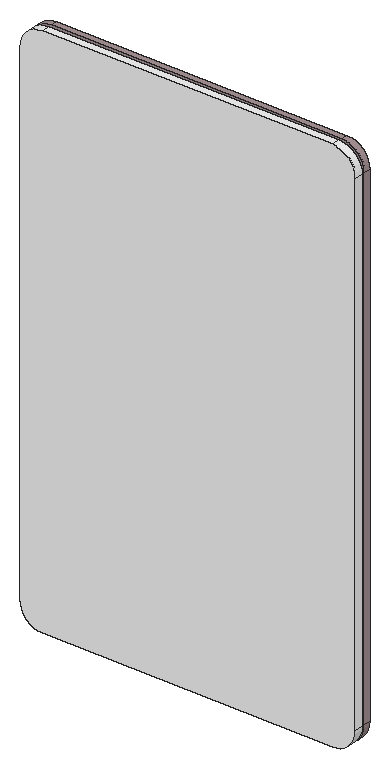
Revit family "Mobile-Work-Tools-Teknion-HDAB_Add_On_Boards-R2021", category Furniture, Revit 2021
Family settings
  OmniClass Number = 23.40.20.00
  OmniClass Title = General Furniture and Specialties
  Work Plane-Based = No
  Always vertical = Yes
  Cut with Voids When Loaded = No
  Shared = Yes
  Room Calculation Point = No
Parameters (values of type "One Whiteboard Add Ons & One Tackboard Add Ons")
  Whiteboard Finish = Laminate-Teknion-5D-Whiteboard
  Warranty = "http://www.teknion.com/ca/papers/legal-canada"
  Unit Weight URL = "http://www.teknion.com/ca/tools/assets#&asset=bee6a381-b954-425e-8283-5a2de3a804f2,f828d448-4b62-4231-9e5f-9a8991c0ed77"
  URL = "www.teknion.com"
  Two Whiteboard Add Ons = no
  Two Tackboard Add Ons = no
  To render please download texture images found here [instance] = "https://assets.teknion.com/web/5e81352c1dfdb467/revit-material-swatches/"
  Tackboard Finish = Fabric - Teknion - Heather Tech - R256 - Thistle Tech
  Sustainability Data = "https://www.teknion.com/ca/tools/assets#&topic=216f99a5-57a0-44fc-b10a-9dee9b29ae4c&asset=444deb64-fe58-4b68-981e-f75e97781df7,b4ff2d81-9f2e-437d-9659-7cffb09c31cf"
  Series = "Kiosk"  # constant formula
  Product Page URL = "https://www.teknion.com/ca/products/product-details?productLineId=fe46716f-8e7a-673b-a6c8-ff05004460c4"
  Product Line = "Kiosk"  # constant formula
  Product Documentation Link = "https://assets.teknion.com/m/77b7e6cd5a7943d4/original/Kiosk-Reference-Guide.pdf"
  Part Number = "HDAB"  # constant formula
  One Whiteboard Add Ons & One Tackboard Add Ons = yes
  Model = "HDABU"
  Manufacturer Phone = "416-661-3370"  # constant formula
  Manufacturer Fax = "416.661.4586"  # constant formula
  Manufacturer Contact Information = "http://www.teknion.com/ca/contactus"
  Manufacturer Address = "1150 Flint Road, Toronto, ON. M3J 2J5. Canada"  # constant formula
  Manufacturer = "Teknion"  # constant formula
  How To Use Teknion Materials User Guide [instance] = "https://assets.teknion.com/m/205dd0a49fa58060/original/How-to-add-a-Material-Library-and-Texture-Images-to-your-Revit-project.pdf"
  For Additional Finishes please visit [instance] = "https://assets.teknion.com/m/44a8009b046e5d47/original/Teknion_Materials_Library.zip"
  Description = "Add-On Boards, One Whiteboard Add-Ons & One Tackboard Add-Ons"
  Default Elevation = 0.000"
  Assembly Code = "E2020200"
Types (4): name | Two Whiteboard Add Ons | Two Tackboard Add Ons | Tackboard Finish | One Whiteboard Add Ons & One Tackboard Add Ons | Model | Description
  (no name) | no | no | Fabric - Teknion - Heather Tech - R256 - Thistle Tech | yes | "HDABU" | "Add-On Boards, One Whiteboard Add-Ons & One Tackboard Add-Ons"
  One Whiteboard Add Ons & One Tackboard Add Ons | no | no | Fabric - Teknion - Heather Tech - R256 - Thistle Tech | yes | "HDABU" | "Add-On Boards, One Whiteboard Add-Ons & One Tackboard Add-Ons"
  Two Tackboard Add Ons | no | yes | Fabric-Teknion-T754-Actuate-Thermal | no | "HDABT" | "Add-On Boards, Two Tackboard Add-Ons"
  Two Whiteboard Add Ons | yes | no | Fabric - Teknion - D409 - India - Surat | no | "HDABW" | "Add-On Boards, Two Whiteboard Add-Ons"
Reference planes (in)
  plane 1 "Center Front/Back": y = 0.43671
  plane 2: z = 0
  plane 3 "Center Left/Right": x = -0.00517
  plane 4 "Left": x = -14.76154
  plane 5 "Right": x = 14.75119
  plane 6 "Back": y = 1.22991
  plane 7 "Front": y = -0.3565
  plane 8 "Top": z = 71.5
Forms (in)
  Sweep 1, solid, material "Fabric - Teknion - Heather Tech - R256 - Thistle Tech" <- "Tackboard Finish", visible <- "Two Tackboard Add Ons"
    path origin (0, 0, 0) x (1, 0, 0) y (0, 1, 0)
      loop
        line (-0.00517, -0.3) -> (-0.00517, 0.3)
    profile origin (-0.00517, 0, 0) x (-1, 0, 0) y (0, 0, 1)
      loop
        arc (-12.75636, 71.5) -> (-14.17058, 70.91421) -> (-14.75636, 69.5) r 2
        line (-14.75636, 69.5) -> (-14.75636, 26.00119)
        arc (-14.75636, 26.00119) -> (-14.17023, 24.58613) -> (-12.75517, 24) r 2.00119
        line (-12.75517, 24) -> (12.75636, 24)
        arc (12.75636, 24) -> (14.17058, 24.58579) -> (14.75636, 26) r 2
        line (14.75636, 26) -> (14.75636, 69.48846)
        arc (14.75636, 69.48846) -> (14.1672, 70.91083) -> (12.74483, 71.5) r 2.01154
        line (12.74483, 71.5) -> (-12.75636, 71.5)
  Sweep 2, solid, material "Fabric - Teknion - Heather Tech - R256 - Thistle Tech" <- "Tackboard Finish", visible <- "Two Tackboard Add Ons"
    path origin (0, 0, 0) x (1, 0, 0) y (0, 1, 0)
      loop
        line (-0.00517, 0.47854) -> (-0.00517, 1.07854)
    profile origin (-0.00517, 0.77854, 0) x (-1, 0, 0) y (0, 0, 1)
      loop
        line (12.74483, 71.5) -> (-12.75636, 71.5)
        arc (-12.75636, 71.5) -> (-14.17058, 70.91421) -> (-14.75636, 69.5) r 2
        line (-14.75636, 69.5) -> (-14.75636, 26.00119)
        arc (-14.75636, 26.00119) -> (-14.17023, 24.58613) -> (-12.75517, 24) r 2.00119
        line (-12.75517, 24) -> (12.75636, 24)
        arc (12.75636, 24) -> (14.17058, 24.58579) -> (14.75636, 26) r 2
        line (14.75636, 26) -> (14.75636, 69.48846)
        arc (14.75636, 69.48846) -> (14.1672, 70.91083) -> (12.74483, 71.5) r 2.01154
  Sweep 3, solid, material "Laminate-Teknion-5D-Whiteboard" <- "Whiteboard Finish", visible <- "One Whiteboard Add Ons & One Tackboard Add Ons"
    path origin (0, 0, 0) x (1, 0, 0) y (0, 1, 0)
      loop
        line (-0.00517, -0.3565) -> (-0.00517, 0.3565)
    profile origin (-0.00517, 0, 0) x (-1, 0, 0) y (0, 0, 1)
      loop
        line (12.74483, 71.5) -> (-12.75636, 71.5)
        arc (-12.75636, 71.5) -> (-14.17058, 70.91421) -> (-14.75636, 69.5) r 2
        line (-14.75636, 69.5) -> (-14.75636, 26.00119)
        arc (-14.75636, 26.00119) -> (-14.17023, 24.58613) -> (-12.75517, 24) r 2.00119
        line (-12.75517, 24) -> (12.75636, 24)
        arc (12.75636, 24) -> (14.17058, 24.58579) -> (14.75636, 26) r 2
        line (14.75636, 26) -> (14.75636, 69.48846)
        arc (14.75636, 69.48846) -> (14.1672, 70.91083) -> (12.74483, 71.5) r 2.01154
  Sweep 4, solid, material "Fabric - Teknion - Heather Tech - R256 - Thistle Tech" <- "Tackboard Finish", visible <- "One Whiteboard Add Ons & One Tackboard Add Ons"
    path origin (0, 0, 0) x (1, 0, 0) y (0, 1, 0)
      loop
        line (-0.00517, 0.62991) -> (-0.00517, 1.22991)
    profile origin (-0.00517, 0.92991, 0) x (-1, 0, 0) y (0, 0, 1)
      loop
        line (12.74483, 71.5) -> (-12.75636, 71.5)
        arc (-12.75636, 71.5) -> (-14.17058, 70.91421) -> (-14.75636, 69.5) r 2
        line (-14.75636, 69.5) -> (-14.75636, 26.00119)
        arc (-14.75636, 26.00119) -> (-14.17023, 24.58613) -> (-12.75517, 24) r 2.00119
        line (-12.75517, 24) -> (12.75636, 24)
        arc (12.75636, 24) -> (14.17058, 24.58579) -> (14.75636, 26) r 2
        line (14.75636, 26) -> (14.75636, 69.48846)
        arc (14.75636, 69.48846) -> (14.1672, 70.91083) -> (12.74483, 71.5) r 2.01154
  Sweep 5, solid, material "Laminate-Teknion-5D-Whiteboard" <- "Whiteboard Finish", visible <- "Two Whiteboard Add Ons"
    path origin (0, 0, 0) x (1, 0, 0) y (0, 1, 0)
      loop
        line (-0.00517, -0.3565) -> (-0.00517, 0.3565)
    profile origin (-0.00517, 0, 0) x (-1, 0, 0) y (0, 0, 1)
      loop
        line (12.74483, 71.5) -> (-12.75636, 71.5)
        arc (-12.75636, 71.5) -> (-14.17058, 70.91421) -> (-14.75636, 69.5) r 2
        line (-14.75636, 69.5) -> (-14.75636, 26.00119)
        arc (-14.75636, 26.00119) -> (-14.17023, 24.58613) -> (-12.75517, 24) r 2.00119
        line (-12.75517, 24) -> (12.75636, 24)
        arc (12.75636, 24) -> (14.17058, 24.58579) -> (14.75636, 26) r 2
        line (14.75636, 26) -> (14.75636, 69.48846)
        arc (14.75636, 69.48846) -> (14.1672, 70.91083) -> (12.74483, 71.5) r 2.01154
  Sweep 6, solid, material "Laminate-Teknion-5D-Whiteboard" <- "Whiteboard Finish", visible <- "Two Whiteboard Add Ons"
    path origin (0, 0, 0) x (1, 0, 0) y (0, 1, 0)
      loop
        line (-0.00517, 0.4629) -> (-0.00517, 1.1759)
    profile origin (-0.00517, 0.8194, 0) x (-1, 0, 0) y (0, 0, 1)
      loop
        line (12.74483, 71.5) -> (-12.75636, 71.5)
        arc (-12.75636, 71.5) -> (-14.17058, 70.91421) -> (-14.75636, 69.5) r 2
        line (-14.75636, 69.5) -> (-14.75636, 26.00119)
        arc (-14.75636, 26.00119) -> (-14.17023, 24.58613) -> (-12.75517, 24) r 2.00119
        line (-12.75517, 24) -> (12.75636, 24)
        arc (12.75636, 24) -> (14.17058, 24.58579) -> (14.75636, 26) r 2
        line (14.75636, 26) -> (14.75636, 69.48846)
        arc (14.75636, 69.48846) -> (14.1672, 70.91083) -> (12.74483, 71.5) r 2.01154
Lines and regions (in)
  Masking region 1, visible <- "Two Tackboard Add Ons"
    outline origin (0, 0, 0) x (1, 0, 0) y (0, 1, 0)
      loop
        line (14.75119, 1.07854) -> (-14.76154, 1.07854) -> (-14.76154, 0.47854) -> (14.75119, 0.47854) -> (14.75119, 1.07854)
      loop
        line (14.75119, 0.3) -> (-14.76154, 0.3) -> (-14.76154, -0.3) -> (14.75119, -0.3) -> (14.75119, 0.3)
  Masking region 2, visible <- "Two Whiteboard Add Ons"
    outline origin (0, 0, 0) x (1, 0, 0) y (0, 1, 0)
      loop
        line (14.75119, 0.4629) -> (14.75119, 1.1759) -> (-14.76154, 1.1759) -> (-14.76154, 0.4629) -> (14.75119, 0.4629)
      loop
        line (14.75119, 0.3565) -> (-14.76154, 0.3565) -> (-14.76154, -0.3565) -> (14.75119, -0.3565) -> (14.75119, 0.3565)
  Masking region 3, visible <- "One Whiteboard Add Ons & One Tackboard Add Ons"
    outline origin (0, 0, 0) x (1, 0, 0) y (0, 1, 0)
      loop
        line (14.75119, 0.3565) -> (-14.76154, 0.3565) -> (-14.76154, -0.3565) -> (14.75119, -0.3565) -> (14.75119, 0.3565)
      loop
        line (14.75119, 1.22991) -> (-14.76154, 1.22991) -> (-14.76154, 0.62991) -> (14.75119, 0.62991) -> (14.75119, 1.22991)
  reference lines
    curve 1: line (-14.76154, 1.22991, 0) -> (14.75119, 1.22991, 0)
    curve 2: line (14.75119, 1.22991, 0) -> (14.75119, -0.3565, 0)
    curve 3: line (14.75119, -0.3565, 0) -> (-14.76154, -0.3565, 0)
    curve 4: line (-14.76154, -0.3565, 0) -> (-14.76154, 1.22991, 0)
Dimensions and locks (in)
  locked: plane 4 "Left" to plane 5 "Right" at 29.51272
  locked: plane 6 "Back" to plane 7 "Front" at 1.58641
  plane 8 "Top" to Sweep 5 to level = 47.500", 24.000" locked
  equal spacing: plane 6 "Back", plane 1 "Center Front/Back", plane 7 "Front"
  equal spacing: plane 4 "Left", plane 3 "Center Left/Right", plane 5 "Right"
  Sweep 1 sketch curve to Sweep 1 sketch curve to plane 1 "Center Front/Back" = 0.600" locked, 0.13671" locked
  Sweep 1 sketch curve to Sweep 1 sketch curve to plane 2 = 47.500" locked, 24.000" locked
  plane 1 "Center Front/Back" to Sweep 2 sketch curve to Sweep 2 sketch curve = 0.04184" locked, 0.600" locked
  locked: plane 7 "Front" to Sweep 3 sketch curve at 0.713
  locked: plane 6 "Back" to Sweep 4 sketch curve at 0.6
  locked: plane 7 "Front" to Sweep 5 sketch curve at 0.713
  Sweep 6 sketch curve to Sweep 6 sketch curve to plane 1 "Center Front/Back" = 0.713" locked, 0.02619" locked
  locked: nested 1 to plane 1 "Center Front/Back" at 3.07291
  aligned and locked: level to plane 2
  aligned and locked: plane 3 "Center Left/Right" to Sweep 1 sketch curve
  aligned and locked: plane 4 "Left" to Sweep 1 sketch curve
  aligned and locked: Sweep 1 sketch curve to plane 5 "Right"
  aligned and locked: plane 3 "Center Left/Right" to Sweep 2 sketch curve
  aligned and locked: Sweep 2 sketch curve to Sweep 1  (x4)
  aligned and locked: Sweep 3 sketch curve to plane 3 "Center Left/Right"
  aligned and locked: plane 7 "Front" to Sweep 3 sketch curve
  aligned and locked: Sweep 3 sketch curve to Sweep 1  (x4)
  aligned and locked: plane 3 "Center Left/Right" to Sweep 4 sketch curve
  aligned and locked: plane 6 "Back" to Sweep 4 sketch curve
  aligned and locked: Sweep 4 sketch curve to Sweep 3  (x4)
  aligned and locked: Sweep 5 sketch curve to plane 3 "Center Left/Right"
  aligned and locked: plane 7 "Front" to Sweep 5 sketch curve
  aligned and locked: Sweep 5 sketch curve to Sweep 3  (x4)
  aligned and locked: plane 3 "Center Left/Right" to Sweep 6 sketch curve
  aligned and locked: Sweep 6 sketch curve to Sweep 5  (x4)
  aligned and locked: Masking region 1 sketch curve to Sweep 2  (x2)
  aligned and locked: Masking region 1 sketch curve to Sweep 1  (x2)
  aligned and locked: Masking region 1 sketch curve to plane 4 "Left"  (x2)
  aligned and locked: plane 5 "Right" to Masking region 1 sketch curve  (x2)
  aligned and locked: Masking region 2 sketch curve to Sweep 6  (x2)
  aligned and locked: Masking region 2 sketch curve to Sweep 5  (x2)
  aligned and locked: plane 5 "Right" to Masking region 2 sketch curve  (x2)
  aligned and locked: Masking region 2 sketch curve to plane 4 "Left"  (x2)
  aligned and locked: Masking region 3 sketch curve to Sweep 3  (x2)
  aligned and locked: plane 5 "Right" to Masking region 3 sketch curve
  aligned and locked: Masking region 3 sketch curve to Sweep 4  (x2)
  aligned and locked: Masking region 3 sketch curve to plane 5 "Right"
  aligned and locked: Masking region 3 sketch curve to plane 4 "Left"  (x2)
  aligned and locked: plane 8 "Top" to Sweep 5
  aligned and locked: curve 3 to plane 7 "Front"
  aligned and locked: curve 1 to plane 6 "Back"
  aligned and locked: curve 4 to plane 4 "Left"
  aligned and locked: curve 2 to plane 5 "Right"
  aligned and locked: nested 1 to plane 3 "Center Left/Right"
Automatic sketch dimensions
  Sweep 1 sketch curve to Sweep 1 sketch curve = 2.00119"
  Sweep 1 sketch curve to Sweep 1 sketch curve = 2.01154"
  Sweep 1 sketch curve to Sweep 1 sketch curve = 2.000"  (x2)
Nested families (in)
  nested 1: "Teknion_2D_Node_Family-R2016" at (-0.00517, -2.6362, 0), type "Teknion_2D_Node_Family-R2016"
Definition of nested family "Teknion_2D_Node_Family-R2016"
  Reference planes (in)
    plane 1 "Center (Front/Back)": y = 0
    plane 2: z = 0
    plane 3 "Center (Left/Right)": x = 0
  Lines and regions (in)
    detail lines, in view "Ref. Level"
      curve 1: circle (0, 0, 0) r 1.25 normal (0, 0, 1)
      curve 2: line (1.91508, -1.91508, 0) -> (-1.91508, 1.91508, 0)
      curve 3: line (-1.91508, -1.91508, 0) -> (1.91508, 1.91508, 0)
